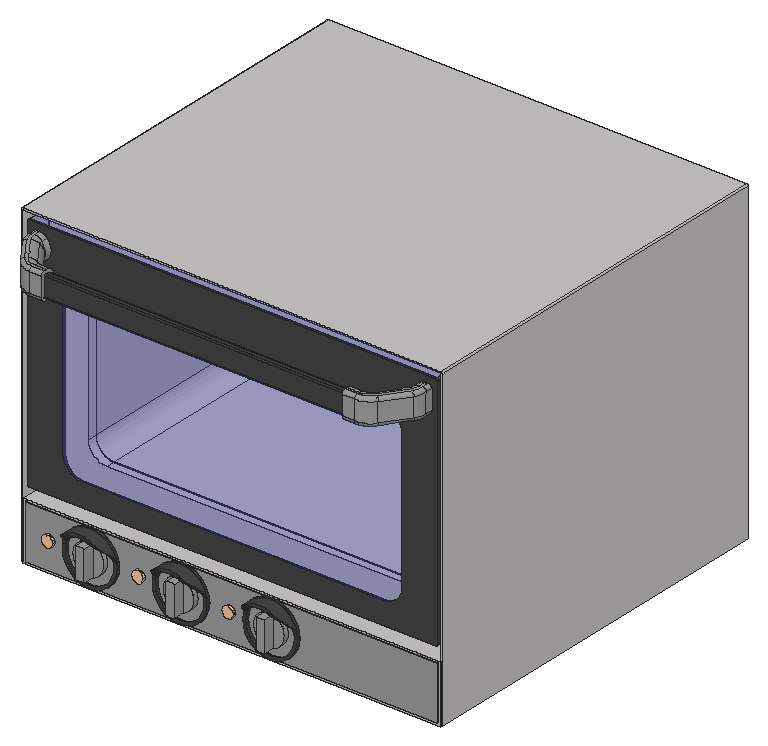
Revit family "QF_Vollrath_CO4-120HS_Conv Oven", category Specialty Equipment, Revit 2021
Family settings
  Round Connector Dimension = Use Diameter
  Part Type = Normal
  OmniClass Number = 23.40.40.00
  OmniClass Title = Food Service Equipment and Furnishings
  Work Plane-Based = No
  Always vertical = Yes
  Cut with Voids When Loaded = No
  Shared = No
  Room Calculation Point = No
Parameters
  Weight in Pounds = 0
  Watts = 2700 W
  Watermarked By = ""
  Volts = 120 V
  URL Cutsheet = ""
  Status [instance] = ""
  Specification by User [instance] = ""
  Specification by Manufacturer [instance] = ""
  Serial Number [instance] = ""
  Revision Code [instance] = ""
  Phase = 0
  Number of Poles [instance] = 1
  NAFEM Spec ID Number [instance] = ""
  Model = "CO4-120HS"
  Min Ckt Ampacity = 20 A
  Max Overcurrent Protection = 0 A
  Masterspec [instance] = ""
  Manufacturer = "Vollrath"  # constant formula
  Item Number [instance] = "40703"
  Installed By [instance] = ""
  HP = ""
  Furnished By [instance] = ""
  Foodservice Equipment Identifier = yes
  FL Amps = 12 A
  Electrical Remarks [instance] = ""
  Electric Connection Type = ""
  Elec Conn RI Height [instance] = 0.000"
  Elec Conn Connection Height = 0.000"
  Description = "Convection Oven"
  Default Elevation = 0.000"
  Cycle = 0 Hz
  Conn Plug = "NEMA 5-15P"
  Conn Conduit = yes
  CSI MasterFormat = ""
  Apparent Power = if(Phase = 3, Volts * FL Amps * 1.73, Volts * FL Amps)  # 1440 VA
Reference planes (in)
  plane 1 "BACK": y = 0
  plane 2: z = 0
  plane 3 "LEFT": x = -16.56573
  plane 4 "RIGHT": x = -4.56573
  plane 5 "FRONT": y = -12
  plane 6 "TOP": z = 24
Forms (in)
  Extrusion 1, solid, material "QF_Stainless-Polished"
    sketch origin (-35.96062, -2.63189, 0.7874) x (1, 0, 0) y (0, 0, 1)
      loop
        line (-11.57087, 0) -> (11.57087, 0) -> (11.57087, 3.22835) -> (-11.57087, 3.22835) -> (-11.57087, 0)
    from 0 to -21.13584
  Extrusion 2, solid, material "QF_Stainless-Polished"
    sketch origin (-35.96062, -2.63189, 0.79302) x (1, 0, 0) y (0, 0, 1)
      loop
        line (-11.65355, 0.03937) -> (-11.57087, 0.03937) -> (-11.57087, 17.51576) -> (11.57087, 17.51576) -> (11.57087, 0.03937) -> (11.65355, 0.03937) -> (11.65355, 17.5197)
        arc (11.65355, 17.5197) -> (11.63049, 17.57537) -> (11.57481, 17.59844) r 0.07874
        line (11.57481, 17.59844) -> (-11.57481, 17.59844)
        arc (-11.57481, 17.59844) -> (-11.63049, 17.57537) -> (-11.65355, 17.5197) r 0.07874
        line (-11.65355, 17.5197) -> (-11.65355, 0.03937)
    from 0 to -21.17718
  Extrusion 3, solid, material "QF_Stainless-Polished"
    sketch origin (-35.96062, 18.54529, 11.14101) x (-1, 0, 0) y (0, 0, 1)
      loop
        line (-11.65355, -10.30862) -> (11.65355, -10.30862) -> (11.65355, 7.17171)
        arc (11.65355, 7.17171) -> (11.63049, 7.22739) -> (11.57481, 7.25045) r 0.07874
        line (11.57481, 7.25045) -> (-11.57481, 7.25045)
        arc (-11.57481, 7.25045) -> (-11.63049, 7.22739) -> (-11.65355, 7.17171) r 0.07874
        line (-11.65355, 7.17171) -> (-11.65355, -10.30862)
    from 0 to -0.43504
  Extrusion 4, solid, material "Render Material 128-128-128"
    sketch origin (-35.96456, -2.64173, 2.40158) x (1, 0, 0) y (0, 0, 1)
      loop
        arc (-11.37796, 1.49606) -> (-11.4058, 1.48453) -> (-11.41733, 1.45669) r 0.03937
        line (-11.41733, 1.45669) -> (-11.41733, -1.45669)
        arc (-11.41733, -1.45669) -> (-11.4058, -1.48453) -> (-11.37796, -1.49606) r 0.03937
        line (-11.37796, -1.49606) -> (11.37796, -1.49606)
        arc (11.37796, -1.49606) -> (11.4058, -1.48453) -> (11.41733, -1.45669) r 0.03937
        line (11.41733, -1.45669) -> (11.41733, 1.45669)
        arc (11.41733, 1.45669) -> (11.4058, 1.48453) -> (11.37796, 1.49606) r 0.03937
        line (11.37796, 1.49606) -> (-11.37796, 1.49606)
    from 0 to -0.00984
  Extrusion 5, solid, material "Glass"
    sketch origin (-35.96062, -2.58622, 4.65355) x (0, 0, 1) y (-1, 0, 0)
      loop
        arc (13.22835, 11.25827) -> (13.19906, 11.32898) -> (13.12835, 11.35827) r 0.1
        line (13.12835, 11.35827) -> (0.1, 11.35827)
        arc (0.1, 11.35827) -> (0.02929, 11.32898) -> (0, 11.25827) r 0.1
        line (0, 11.25827) -> (0, -11.25827)
        arc (0, -11.25827) -> (0.02929, -11.32898) -> (0.1, -11.35827) r 0.1
        line (0.1, -11.35827) -> (13.12835, -11.35827)
        arc (13.12835, -11.35827) -> (13.19906, -11.32898) -> (13.22835, -11.25827) r 0.1
        line (13.22835, -11.25827) -> (13.22835, 11.25827)
    from 0 to -1.5
  Extrusion 6, solid, material "QF_Stainless-Polished"
    sketch origin (-35.96062, -2.58622, 4.65355) x (0, 0, 1) y (-1, 0, 0)
      loop
        line (13.65524, 11.57087) -> (-0.6378, 11.57087) -> (-0.6378, -11.57087) -> (13.65524, -11.57087) -> (13.65524, 11.57087)
    from -1.75 to -2.25
  Extrusion 7, void
    sketch origin (-35.96062, -2.58622, 4.65355) x (0, 0, 1) y (-1, 0, 0)
      loop
        arc (10.85335, 8.375) -> (10.56046, 9.08211) -> (9.85335, 9.375) r 1
        line (9.85335, 9.375) -> (2.22835, 9.375)
        arc (2.22835, 9.375) -> (1.52125, 9.08211) -> (1.22835, 8.375) r 1
        line (1.22835, 8.375) -> (1.22835, -8.375)
        arc (1.22835, -8.375) -> (1.52125, -9.08211) -> (2.22835, -9.375) r 1
        line (2.22835, -9.375) -> (9.85335, -9.375)
        arc (9.85335, -9.375) -> (10.56046, -9.08211) -> (10.85335, -8.375) r 1
        line (10.85335, -8.375) -> (10.85335, 8.375)
    from -1.75 to -2.25
  Extrusion 8, solid, material "Render Material 0-0-0"
    sketch origin (-35.96062, -2.58622, 4.65355) x (0, 0, 1) y (-1, 0, 0)
      loop
        arc (13.22835, 11.25827) -> (13.19906, 11.32898) -> (13.12835, 11.35827) r 0.1
        line (13.12835, 11.35827) -> (0.1, 11.35827)
        arc (0.1, 11.35827) -> (0.02929, 11.32898) -> (0, 11.25827) r 0.1
        line (0, 11.25827) -> (0, -11.25827)
        arc (0, -11.25827) -> (0.02929, -11.32898) -> (0.1, -11.35827) r 0.1
        line (0.1, -11.35827) -> (13.12835, -11.35827)
        arc (13.12835, -11.35827) -> (13.19906, -11.32898) -> (13.22835, -11.25827) r 0.1
        line (13.22835, -11.25827) -> (13.22835, 11.25827)
      loop
        line (9.85335, 9.375) -> (2.22835, 9.375)
        arc (2.22835, 9.375) -> (1.52125, 9.08211) -> (1.22835, 8.375) r 1
        line (1.22835, 8.375) -> (1.22835, -8.375)
        arc (1.22835, -8.375) -> (1.52125, -9.08211) -> (2.22835, -9.375) r 1
        line (2.22835, -9.375) -> (9.85335, -9.375)
        arc (9.85335, -9.375) -> (10.56046, -9.08211) -> (10.85335, -8.375) r 1
        line (10.85335, -8.375) -> (10.85335, 8.375)
        arc (10.85335, 8.375) -> (10.56046, 9.08211) -> (9.85335, 9.375) r 1
    from 0 to -0.125
  Extrusion 9, solid, material "Render Material 0-0-0"
    sketch origin (-27.62962, -5.00964, -19.45689) x (0, 0, 1) y (0, 1, 0)
      loop
        line (35.69706, -0.24037) -> (36.7758, -0.24037)
        arc (36.7758, -0.24037) -> (36.81672, -0.22341) -> (36.83368, -0.18249) r 0.05787
        line (36.83368, -0.18249) -> (36.83368, -0.01543)
        arc (36.83368, -0.01543) -> (36.79083, 0.15467) -> (36.67796, 0.28894) r 0.39121
        arc (36.67796, 0.28894) -> (36.23643, 0.43665) -> (35.7949, 0.28894) r 0.73374
        arc (35.7949, 0.28894) -> (35.68824, 0.16717) -> (35.63919, 0.01291) r 0.39619
        line (35.63919, 0.01291) -> (35.63919, -0.18249)
        arc (35.63919, -0.18249) -> (35.65614, -0.22341) -> (35.69706, -0.24037) r 0.05787
    from 0 to 16.66189
  Sweep 10, solid, material "Render Material 128-128-128"
    path origin (-33.92536, -5.19005, 17.37678) x (0, 1, 0) y (-1, 0, 0)
      loop
        line (0.27508, 10.36614) -> (0.27508, 11.03823)
        arc (0.27508, 11.03823) -> (0.34626, 11.32909) -> (0.5437, 11.55423) r 0.62992
        line (0.5437, 11.55423) -> (1.86239, 12.47758)
        arc (1.86239, 12.47758) -> (2.03423, 12.56233) -> (2.2236, 12.59147) r 0.62975
        line (2.2236, 12.59147) -> (2.60383, 12.59147)
    profile origin (-44.62755, -4.91496, 17.37678) x (0, -1, 0) y (0, 0, 1)
      loop
        arc (0.46004, -0.05787) -> (0.40648, 0.07144) -> (0.27717, 0.125) r 0.18287
        line (0.27717, 0.125) -> (0.1089, 0.125)
        arc (0.1089, 0.125) -> (-0.11631, 0.06875) -> (-0.2941, -0.0805) r 0.51621
        arc (-0.2941, -0.0805) -> (-0.46698, -0.59724) -> (-0.2941, -1.11399) r 0.85874
        arc (-0.2941, -1.11399) -> (-0.13094, -1.25597) -> (0.07582, -1.31949) r 0.52119
        line (0.07582, -1.31949) -> (0.27717, -1.31949)
        arc (0.27717, -1.31949) -> (0.40648, -1.26593) -> (0.46004, -1.13661) r 0.18287
        line (0.46004, -1.13661) -> (0.46004, -0.05787)
  Sweep 11, solid, material "Render Material 128-128-128"
    path origin (-37.99576, -5.19005, 17.37678) x (0, 1, 0) y (-1, 0, 0)
      loop
        line (0.27508, -10.36614) -> (0.27508, -11.03823)
        arc (0.27508, -11.03823) -> (0.34626, -11.32909) -> (0.5437, -11.55423) r 0.62992
        line (0.5437, -11.55423) -> (1.86239, -12.47758)
        arc (1.86239, -12.47758) -> (2.03423, -12.56233) -> (2.2236, -12.59147) r 0.62975
        line (2.2236, -12.59147) -> (2.60383, -12.59147)
    profile origin (-27.29358, -4.91496, 17.37678) x (0, 1, 0) y (0, 0, 1)
      loop
        line (-0.46004, -0.05787) -> (-0.46004, -1.13661)
        arc (-0.46004, -1.13661) -> (-0.40648, -1.26593) -> (-0.27717, -1.31949) r 0.18287
        line (-0.27717, -1.31949) -> (-0.07582, -1.31949)
        arc (-0.07582, -1.31949) -> (0.13094, -1.25597) -> (0.2941, -1.11399) r 0.52119
        arc (0.2941, -1.11399) -> (0.46698, -0.59724) -> (0.2941, -0.0805) r 0.85874
        arc (0.2941, -0.0805) -> (0.11631, 0.06875) -> (-0.1089, 0.125) r 0.51621
        line (-0.1089, 0.125) -> (-0.27717, 0.125)
        arc (-0.27717, 0.125) -> (-0.40648, 0.07144) -> (-0.46004, -0.05787) r 0.18287
  Extrusion 12, solid, material "Render Material 128-128-128"
    sketch origin (-43.41732, -2.64173, 2.88977) x (0, 0, 1) y (-1, 0, 0)
      loop
        circle (-0.48819, 0.29528) r 0.85571
    from 0 to 0.22793
  Extrusion 13, solid, material "Render Material 128-128-128"
    sketch origin (-43.41732, -2.86966, 2.88977) x (0, 0, 1) y (-1, 0, 0)
      loop
        line (0.33705, 0.52162) -> (-1.31342, 0.52162)
        arc (-1.31342, 0.52162) -> (-1.3439, 0.29528) -> (-1.31342, 0.06893) r 0.85571
        line (-1.31342, 0.06893) -> (0.33705, 0.06893)
        arc (0.33705, 0.06893) -> (0.36752, 0.29528) -> (0.33705, 0.52162) r 0.85571
    from 0 to 0.589
  Extrusion 14, solid, material "Render Material 255-191-127"
    sketch origin (-35.96456, -2.64173, 2.40158) x (1, 0, 0) y (0, 0, 1)
      loop
        circle (-10.11385, 0) r 0.30846
    from 0 to 0.125
  Extrusion 15, solid, material "Render Material 255-191-127"
    sketch origin (-30.96456, -2.64173, 2.40158) x (1, 0, 0) y (0, 0, 1)
      loop
        circle (-10.11385, 0) r 0.30846
    from 0 to 0.125
  Extrusion 16, solid, material "Render Material 255-191-127"
    sketch origin (-25.96456, -2.64173, 2.40158) x (1, 0, 0) y (0, 0, 1)
      loop
        circle (-10.11385, 0) r 0.30846
    from 0 to 0.125
  Extrusion 17, solid, material "Render Material 0-0-0"
    sketch origin (-35.96456, -2.64173, 2.40158) x (1, 0, 0) y (0, 0, 1)
      loop
        circle (-7.74804, 0) r 1.51094
      loop
        circle (-7.74804, 0) r 1.34265
    from 0 to 0.14843
  Extrusion 18, solid, material "Render Material 0-0-0"
    sketch origin (-30.96456, -2.64173, 2.40158) x (1, 0, 0) y (0, 0, 1)
      loop
        circle (-7.74804, 0) r 1.51094
      loop
        circle (-7.74804, 0) r 1.34265
    from 0 to 0.14843
  Extrusion 19, solid, material "Render Material 0-0-0"
    sketch origin (-30.96456, -2.79016, 2.40158) x (1, 0, 0) y (0, 0, 1)
      loop
        line (-9.25897, 0) -> (-9.09068, 0)
        arc (-9.09068, 0) -> (-7.74804, 1.34265) -> (-6.40539, 0) r 1.34265
        line (-6.40539, 0) -> (-6.2371, 0)
        arc (-6.2371, 0) -> (-7.74804, 1.51094) -> (-9.25897, 0) r 1.51094
    from 0 to 1.10798
  Extrusion 20, void
    sketch origin (-38.71259, -2.79016, 3.91251) x (0, 0, 1) y (0, 1, 0)
      loop
        line (0, -0.75) -> (-0.22907, -0.75)
        arc (-0.22907, -0.75) -> (-0.33223, -0.72695) -> (-0.41578, -0.66219) r 0.24242
        line (-0.41578, -0.66219) -> (-0.99562, -0.08236)
        arc (-0.99562, -0.08236) -> (-1.10738, -0.02117) -> (-1.23302, 0) r 0.38334
        line (-1.23302, 0) -> (-1.51094, 0) -> (-1.51094, -1.10798) -> (0, -1.10798) -> (0, -0.75)
    from -2.05456 to 1.66177
  Extrusion 21, solid, material "Render Material 0-0-0"
    sketch origin (-25.96456, -2.64173, 2.40158) x (1, 0, 0) y (0, 0, 1)
      loop
        circle (-7.74804, 0) r 1.51094
      loop
        circle (-7.74804, 0) r 1.34265
    from 0 to 0.14843
  Extrusion 22, solid, material "Render Material 0-0-0"
    sketch origin (-25.96456, -2.79016, 2.40158) x (1, 0, 0) y (0, 0, 1)
      loop
        line (-9.25897, 0) -> (-9.09068, 0)
        arc (-9.09068, 0) -> (-7.74804, 1.34265) -> (-6.40539, 0) r 1.34265
        line (-6.40539, 0) -> (-6.2371, 0)
        arc (-6.2371, 0) -> (-7.74804, 1.51094) -> (-9.25897, 0) r 1.51094
    from 0 to 1.10798
  Extrusion 23, void
    sketch origin (-33.71259, -2.79016, 3.91251) x (0, 0, 1) y (0, 1, 0)
      loop
        line (0, -0.75) -> (-0.22907, -0.75)
        arc (-0.22907, -0.75) -> (-0.33223, -0.72695) -> (-0.41578, -0.66219) r 0.24242
        line (-0.41578, -0.66219) -> (-0.99562, -0.08236)
        arc (-0.99562, -0.08236) -> (-1.10738, -0.02117) -> (-1.23302, 0) r 0.38334
        line (-1.23302, 0) -> (-1.51094, 0) -> (-1.51094, -1.10798) -> (0, -1.10798) -> (0, -0.75)
    from -2.05456 to 1.66177
  Extrusion 24, solid, material "Render Material 128-128-128"
    sketch origin (-38.41732, -2.64173, 2.88977) x (0, 0, 1) y (-1, 0, 0)
      loop
        circle (-0.48819, 0.29528) r 0.85571
    from 0 to 0.22793
  Extrusion 25, solid, material "Render Material 128-128-128"
    sketch origin (-38.41732, -2.86966, 2.88977) x (0, 0, 1) y (-1, 0, 0)
      loop
        line (0.33705, 0.52162) -> (-1.31342, 0.52162)
        arc (-1.31342, 0.52162) -> (-1.3439, 0.29528) -> (-1.31342, 0.06893) r 0.85571
        line (-1.31342, 0.06893) -> (0.33705, 0.06893)
        arc (0.33705, 0.06893) -> (0.36752, 0.29528) -> (0.33705, 0.52162) r 0.85571
    from 0 to 0.589
  Extrusion 26, solid, material "Render Material 128-128-128"
    sketch origin (-33.41732, -2.64173, 2.88977) x (0, 0, 1) y (-1, 0, 0)
      loop
        circle (-0.48819, 0.29528) r 0.85571
    from 0 to 0.22793
  Extrusion 27, solid, material "Render Material 128-128-128"
    sketch origin (-33.41732, -2.86966, 2.88977) x (0, 0, 1) y (-1, 0, 0)
      loop
        line (0.33705, 0.52162) -> (-1.31342, 0.52162)
        arc (-1.31342, 0.52162) -> (-1.3439, 0.29528) -> (-1.31342, 0.06893) r 0.85571
        line (-1.31342, 0.06893) -> (0.33705, 0.06893)
        arc (0.33705, 0.06893) -> (0.36752, 0.29528) -> (0.33705, 0.52162) r 0.85571
    from 0 to 0.589
  Extrusion 28, solid, material "QF_Stainless-Polished"
    sketch origin (-22.93992, 13.88539, 0.7874) x (0, -1, 0) y (-1, 0, 0)
      loop
        circle (-2.65005, 23.06008) r 0.5
    from 0 to 0.7874
  Extrusion 29, solid, material "QF_Stainless-Polished"
    sketch origin (-22.93992, -2.65005, 0.7874) x (0, -1, 0) y (-1, 0, 0)
      loop
        circle (-2.65005, 23.06008) r 0.5
    from 0 to 0.7874
  Extrusion 30, solid, material "QF_Stainless-Polished"
    sketch origin (-2.86117, -2.65005, 0.7874) x (0, -1, 0) y (-1, 0, 0)
      loop
        circle (-2.65005, 23.06008) r 0.5
    from 0 to 0.7874
  Extrusion 31, solid, material "QF_Stainless-Polished"
    sketch origin (-2.86117, 13.88539, 0.7874) x (0, -1, 0) y (-1, 0, 0)
      loop
        circle (-2.65005, 23.06008) r 0.5
    from 0 to 0.7874
  Extrusion 32, solid, material "QF_Stainless-Polished"
    sketch origin (-24.38581, -2.63189, 18.39146) x (-1, 0, 0) y (0, -1, 0)
      loop
        arc (19.72836, -21.30268) -> (19.74681, -21.25813) -> (19.79136, -21.23968) r 0.063
        line (19.79136, -21.23968) -> (20.22836, -21.23968) -> (20.22836, -21.17718) -> (19.80257, -21.17718)
        arc (19.80257, -21.17718) -> (19.70632, -21.2097) -> (19.66536, -21.30268) r 0.126
        line (19.66536, -21.30268) -> (19.66536, -22.55118)
        arc (19.66536, -22.55118) -> (19.64691, -22.59573) -> (19.60236, -22.61418) r 0.063
        line (19.60236, -22.61418) -> (18.60436, -22.61418)
        arc (18.60436, -22.61418) -> (18.55981, -22.59573) -> (18.54136, -22.55118) r 0.063
        line (18.54136, -22.55118) -> (18.54136, -21.30268)
        arc (18.54136, -21.30268) -> (18.5004, -21.2097) -> (18.40415, -21.17718) r 0.126
        line (18.40415, -21.17718) -> (17.97836, -21.17718) -> (17.97836, -21.23968) -> (18.41536, -21.23968)
        arc (18.41536, -21.23968) -> (18.45991, -21.25813) -> (18.47836, -21.30268) r 0.063
        line (18.47836, -21.30268) -> (18.47836, -22.55118)
        arc (18.47836, -22.55118) -> (18.51526, -22.64027) -> (18.60436, -22.67718) r 0.126
        line (18.60436, -22.67718) -> (19.60236, -22.67718)
        arc (19.60236, -22.67718) -> (19.69146, -22.64027) -> (19.72836, -22.55118) r 0.126
        line (19.72836, -22.55118) -> (19.72836, -21.30268)
    from -4.75 to -6.5
  Extrusion 33, solid, material "QF_Stainless-Polished"
    sketch origin (-35.96062, -0.33622, 4.65355) x (0, 0, -1) y (-1, 0, 0)
      loop
        line (-10.85335, 8.375) -> (-10.85335, -8.375)
        arc (-10.85335, -8.375) -> (-10.56046, -9.08211) -> (-9.85335, -9.375) r 1
        line (-9.85335, -9.375) -> (-2.22835, -9.375)
        arc (-2.22835, -9.375) -> (-1.52125, -9.08211) -> (-1.22835, -8.375) r 1
        line (-1.22835, -8.375) -> (-1.22835, 8.375)
        arc (-1.22835, 8.375) -> (-1.52125, 9.08211) -> (-2.22835, 9.375) r 1
        line (-2.22835, 9.375) -> (-9.85335, 9.375)
        arc (-9.85335, 9.375) -> (-10.56046, 9.08211) -> (-10.85335, 8.375) r 1
      loop
        line (-2.22835, 10.375) -> (-9.85335, 10.375)
        arc (-9.85335, 10.375) -> (-11.26757, 9.78921) -> (-11.85335, 8.375) r 2
        line (-11.85335, 8.375) -> (-11.85335, -8.375)
        arc (-11.85335, -8.375) -> (-11.26757, -9.78921) -> (-9.85335, -10.375) r 2
        line (-9.85335, -10.375) -> (-2.22835, -10.375)
        arc (-2.22835, -10.375) -> (-0.81414, -9.78921) -> (-0.22835, -8.375) r 2
        line (-0.22835, -8.375) -> (-0.22835, 8.375)
        arc (-0.22835, 8.375) -> (-0.81414, 9.78921) -> (-2.22835, 10.375) r 2
    from 0 to 18.44647
  Extrusion 34, solid, material "Render Material 0-0-0"
    sketch origin (-35.96062, 18.54529, 0.79302) x (-1, 0, 0) y (0, 0, 1)
      loop
        line (7.90314, 1.72737) -> (7.90314, 1.60237)
        arc (7.90314, 1.60237) -> (7.84105, 1.28937) -> (7.90314, 0.97637) r 0.81996
        line (7.90314, 0.97637) -> (7.90314, 0.85137) -> (8.46564, 0.85137)
        arc (8.46564, 0.85137) -> (8.79012, 1.28937) -> (8.46564, 1.72737) r 0.45786
        line (8.46564, 1.72737) -> (7.90314, 1.72737)
    from 0 to 0.125
  Extrusion 35, solid, material "Render Material 0-0-0"
    sketch origin (-35.96456, -2.79016, 2.40158) x (1, 0, 0) y (0, 0, 1)
      loop
        line (-9.25897, 0) -> (-9.09068, 0)
        arc (-9.09068, 0) -> (-7.74804, 1.34265) -> (-6.40539, 0) r 1.34265
        line (-6.40539, 0) -> (-6.2371, 0)
        arc (-6.2371, 0) -> (-7.74804, 1.51094) -> (-9.25897, 0) r 1.51094
    from 0 to 1.10798
  Extrusion 36, void
    sketch origin (-43.7126, -2.79016, 3.91251) x (0, 0, 1) y (0, 1, 0)
      loop
        line (0, -0.75) -> (-0.22907, -0.75)
        arc (-0.22907, -0.75) -> (-0.33223, -0.72695) -> (-0.41578, -0.66219) r 0.24242
        line (-0.41578, -0.66219) -> (-0.99562, -0.08236)
        arc (-0.99562, -0.08236) -> (-1.10738, -0.02117) -> (-1.23302, 0) r 0.38334
        line (-1.23302, 0) -> (-1.51094, 0) -> (-1.51094, -1.10798) -> (0, -1.10798) -> (0, -0.75)
    from -2.05456 to 1.66177
Cuts and joins
  joined: Extrusion 2, Extrusion 3
  Extrusion 7 cuts Extrusion 5
  Extrusion 7 cuts Extrusion 6
  Extrusion 20 cuts Extrusion 17
  Extrusion 20 cuts Extrusion 12
  Extrusion 20 cuts Extrusion 13
  Extrusion 20, Extrusion 23, Extrusion 36 cuts Extrusion 18
  Extrusion 20, Extrusion 23, Extrusion 36 cuts Extrusion 19
  Extrusion 23 cuts Extrusion 21
  Extrusion 23 cuts Extrusion 22
  Extrusion 36 cuts Extrusion 24
  Extrusion 36 cuts Extrusion 25
  Extrusion 36 cuts Extrusion 35
Dimensions and locks (in)
  aligned and locked: level to plane 2
Connectors (in)
  electrical at (-44.05126, 18.67029, 2.08239)
    settings: on Extrusion 34, index 1, voltage 120 V, apparent load 0 VA, apparent load phase1 12 VA, apparent load phase2 0 VA, apparent load phase3 0 VA, power factor 1, load classification "Other", number of poles 1, system type 31, power factor state 1, is connector primary yes, connector utility no, sub classification motor no, connector description ""
